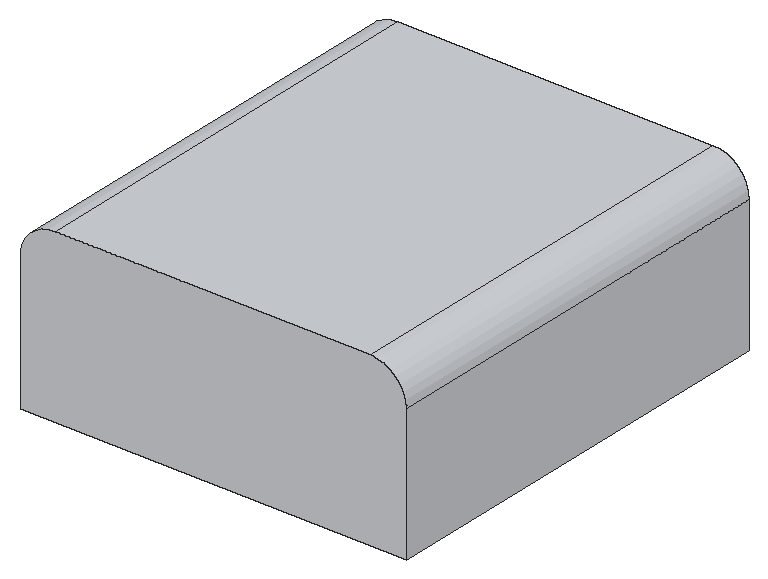
Revit family "FK144-13.6X12.5X6-Z", category Furniture, Revit 2023
Family settings
  OmniClass Number = 23.40.20.00
  OmniClass Title = General Furniture and Specialties
  Work Plane-Based = No
  Enable Cutting in Views = No
  Always vertical = Yes
  Cut with Voids When Loaded = No
  Render Appearance Source = Family Geometry
  Shared = No
  Room Calculation Point = No
Parameters (values of type "13.5"W Huddle Pad 6"H-Zipper")
  URL = "https://fomcore.com/"
  Pad Fabric = none
  Model = "FK144-13.6X12.5X6-Z"
  Manufacturer = "FOMCORE"
  Description = "Huddle Pad 13.6WX12.5DX6H-Zipper"
  Default Elevation = 0 mm
Reference planes
  plane 1 "Center (Front/Back)": y = 0
  plane 2: z = 0
  plane 3 "Center (Left/Right)": x = 0
Forms (mm)
  Extrusion 1, solid, material <- "Pad Fabric"
    sketch origin (0, -31.75, 0) x (1, 0, 0) y (0, 0, 1)
      loop
        line (140.494, 152.4) -> (-140.494, 152.4)
        arc (-140.494, 152.4) -> (-162.944, 143.101) -> (-172.244, 120.65) r 31.75
        line (-172.244, 120.65) -> (-172.244, 0) -> (172.244, 0) -> (172.244, 120.65)
        arc (172.244, 120.65) -> (162.944, 143.101) -> (140.494, 152.4) r 31.75
    from -222.25 to 158.75
Dimensions and locks
  aligned and locked: level to plane 2
